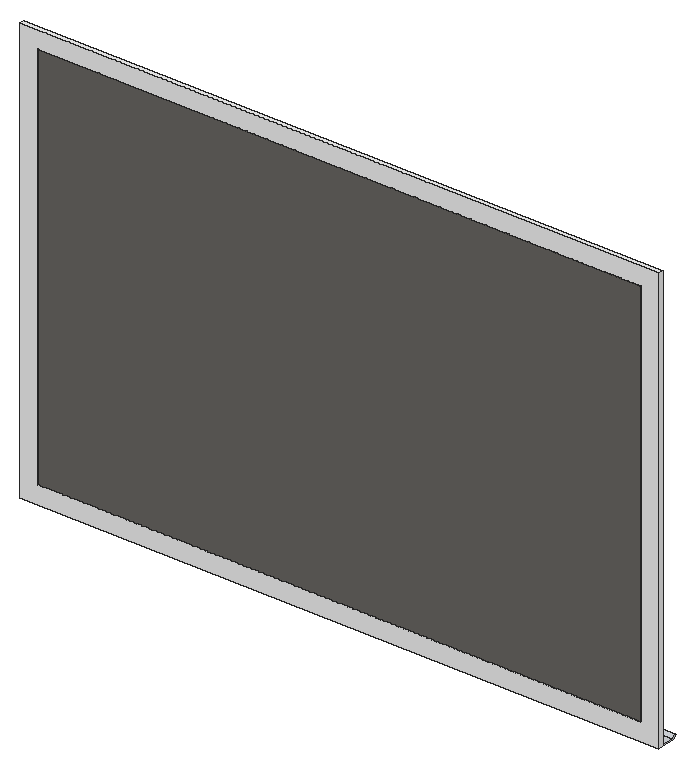
Revit family
Parameters (values of type "72" x 48"")
  Assembly Code = "E1020900"
  Height = 4' - 0"
  Mounting Height = 2' - 3"
  Width = 6' - 0"
Types (5): name | Assembly Code | Height | Mounting Height | Width
  (no name) | "E1020900" | 4' - 0" | 2' - 3" | 6' - 0"
  84" x 48" | "E1020900" | 4' - 0" | 2' - 3" | 7' - 0"
  96" x 48" | "E1020900" | 4' - 0" | 2' - 3" | 8' - 0"
  72" x 48" | "E1020900" | 4' - 0" | 2' - 3" | 6' - 0"
  1800 x 1200mm | "" | 3' - 11.24409" | 2' - 2.9685" | 5' - 10.86614"
Reference planes (in)
  plane 1: y = 0
  plane 2 "Center": x = -3.81687
  plane 3: x = 32.18313
  plane 4: x = -39.81687
  plane 5: z = 75
  plane 6: z = 27
Forms (in)
  Extrusion 1, solid, material "Metal - Aluminum"
    sketch origin (-60, 3, 0) x (-1, 0, 0) y (0, 0, 1)
      loop
        line (-92.18313, 75) -> (-92.18313, 27) -> (-20.18313, 27) -> (-20.18313, 75) -> (-92.18313, 75)
      loop
        line (-90.18313, 73) -> (-90.18313, 29) -> (-22.18313, 29) -> (-22.18313, 73) -> (-90.18313, 73)
    from 0 to 0.5
  Extrusion 2, solid, material "Slate"
    sketch origin (-60, 3, 0) x (-1, 0, 0) y (0, 0, 1)
      loop
        line (-90.18313, 73) -> (-90.18313, 29) -> (-22.18313, 29) -> (-22.18313, 73) -> (-90.18313, 73)
    from 0 to 0.25
  Extrusion 3, solid
    sketch origin (-39.81687, 3.5, 27) x (0, -1, 0) y (0, 0, 1)
      loop
        line (0, 0.0066) -> (0, 0.13703) -> (-1.40475, 0.13703) -> (-1.71561, 0.4479) -> (-1.80335, 0.36016) -> (-1.4498, 0.0066) -> (0, 0.0066)
    from 0 to -72
Lines and regions (in)
  symbolic lines
    curve 1: line (-39.81687, 3, 0) -> (-39.81687, 5.30335, 0)
    curve 2: line (-39.81687, 5.30335, 0) -> (32.18313, 5.30335, 0)
    curve 3: line (32.18313, 5.30335, 0) -> (32.18313, 3, 0)
Text (in)
  text "Front" at (0, 40.15149, 123.01588), in view "Right"
  text "Front" at (-63.76662, 28.46503, 0), in view "Ref. Level"
  text "Front" at (0, 47.49176, 114.92968), in view "Left"
Dimensions and locks (in)
  equal spacing: plane 3, plane 2 "Center", plane 4
  "Height": plane 6 to plane 5
  "Width": plane 3 to plane 4
  "Mounting Height": host wall to plane 6
  aligned and locked: plane 3 to Extrusion 3
  aligned and locked: Extrusion 1 to Extrusion 3 sketch curve
  aligned and locked: curve 2 to Extrusion 3
  aligned and locked: curve 1 to Extrusion 1
  aligned and locked: curve 3 to Extrusion 1
Automatic sketch dimensions
  Extrusion 1 sketch curve to plane 3 = 0' - 0"
  Extrusion 1 sketch curve to plane 4 = 0' - 0"
  Extrusion 1 sketch curve to plane 3 = 0' - 2"
  plane 4 to Extrusion 1 sketch curve = 0' - 2"
  Extrusion 1 sketch curve to plane 6 = 0' - 0"
  Extrusion 1 sketch curve to plane 5 = 0' - 0"
  Extrusion 1 sketch curve to plane 6 = 0' - 2"
  plane 5 to Extrusion 1 sketch curve = 0' - 2"
  Extrusion 2 sketch curve to plane 3 = 0' - 2"
  plane 4 to Extrusion 2 sketch curve = 0' - 2"
  Extrusion 2 sketch curve to plane 6 = 0' - 2"
  plane 5 to Extrusion 2 sketch curve = 0' - 2"
  Extrusion 3 sketch curve to plane 6 = 0' - 0.36016"
  Extrusion 3 sketch curve to plane 6 = 0' - 0.4479"
  Extrusion 3 sketch curve to Extrusion 3 sketch curve = 0' - 0.08774"
  Extrusion 3 sketch curve to plane 6 = 0' - 0.0066"
  Extrusion 3 sketch curve to plane 6 = 0' - 0.13703"
  Extrusion 3 sketch curve to Extrusion 3 sketch curve = 0' - 1.40475"
  curve 1 to curve 1 = 0' - 2.30335"
  curve 3 to curve 2 = 0' - 2.30335"
